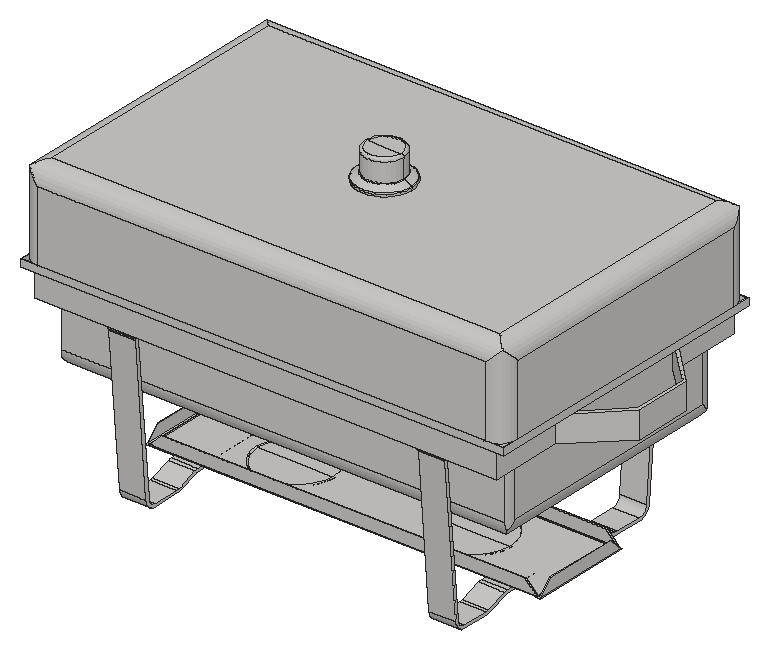
Revit family "QF_BOURGEAT_bain_marie_couvercle_classique", category Equipement spécialisé, Revit 2015
Parameters (values of type "modele_a_alcool")
  URL catalogue = "http://www.bourgeat.fr"
  URL = ""
  Type de Raccord Electrique = ""
  Type article = ""
  Tension = 0 V
  Spécification du Fabricant = "bain_marie_de_table"
  Remarques Electricité = ""
  Puissance électrique  = 0 W
  Profondeur hors tout = 335 mm
  Poids net à vide = 9.00 kg
  Phase = 0
  Modèle = "865001"
  Longueur hors tout = 630 mm
  Intensité nominale = 0 A
  Hauteur hors tout = 395 mm
  Fréquence = 0 Hz
  Fabricant = "BOURGEAT"
  Contact SAV = "0033(4).76.32.14.44"
Types (3, lengths in mm): name | Tension | Puissance électrique  | Poids net à vide | Phase | Modèle | Intensité nominale | Fréquence
  (no name) | 0 V | 0 W | 9.00 kg | 0 | "865001" | 0 A | 0 Hz
  modele_a_alcool | 0 V | 0 W | 9.00 kg | 0 | "865001" | 0 A | 0 Hz
  modele_bivalent | 230 V | 700 W | 10.00 kg | 2 | "865201" | 3.04 A | 50 Hz
Reference planes
  plane 1 "Centre (avant/arrière)": y = 0
  plane 2: z = 0
  plane 3 "Centre (gauche/droite)": x = 0
Dimensions and locks
  aligned and locked: level to plane 2
  aligned and locked: nested 1 to nested 2
Nested families
  nested 1: "support" at (0, 0, 0), type "support"
  nested 2: "cuve_b_m" at (0, 0, 116), type "cuve_b_m"
  nested 3: "couvercle_b_m" at (0, 0, 233), type "couvercle_b_m"
Definition of nested family "support"
  Reference planes
    plane 1 "Centre (avant/arrière)": y = 0
    plane 2: z = 0
    plane 3 "Centre (gauche/droite)": x = 0
    plane 4: x = 160
    plane 5: x = -160
    plane 6: x = -175
    plane 7: x = 175
    plane 8: z = 225
  Dimensions and locks
    plane 5 to plane 4 = 320 mm
    aligned and locked: level to plane 2
    aligned and locked: plane 8 to nested 1
    aligned and locked: nested 4 to nested 3
  Nested families
    nested 1: "cadre_du_support" at (0, 0, 195), type "cadre_du_support"
    nested 2: "bras_du_support" at (-175, 0, 0) x (0, 1, 0) z (0, 0, 1), type "bras_du_support"
    nested 3: "bras_du_support" at (175, 0, 0) x (0, -1, 0) z (0, 0, 1), type "bras_du_support"
    nested 4: "plaque_fond" at (0, 0, 11.991), type "plaque_fond"
  Definition of nested family "cadre_du_support"
    Reference planes
      plane 1 "Centre (avant/arrière)": y = 0
      plane 2: z = 0
      plane 3 "Centre (gauche/droite)": x = 0
      plane 4: x = 258.5
      plane 5: x = -258.5
      plane 6: y = 155.5
      plane 7: y = -155.5
      plane 8: x = -293.5
      plane 9: x = 293.5
      plane 10: y = -50
      plane 11: y = 50
      plane 12: y = 50
      plane 13: y = -50
      plane 14: y = 85
      plane 15: y = -85
      plane 16: through (258.5, 85, 1200) normal (0.7071, 0.7071, 0)
      plane 17: through (293.5, -50, 1200) normal (0.7071, -0.7071, 0)
      plane 18: y = 85.5
      plane 19: y = -85.5
      plane 20: through (-293.5, 50, 1200) normal (-0.7071, 0.7071, 0)
      plane 21: through (-293.5, -50, 1200) normal (0.7071, 0.7071, 0)
      plane 22: y = 164.5
      plane 23: x = 261.5
      plane 24: through (260.621, 87.121, 1200) normal (0.7071, 0.7071, 0)
      plane 25: x = 312
      plane 26: through (260.621, -87.121, 1200) normal (-0.7071, 0.7071, 0)
      plane 27: x = 261.5
      plane 28: y = -164.5
      plane 29: x = -261.5
      plane 30: through (-260.621, -87.121, 1200) normal (-0.7071, -0.7071, 0)
      plane 31: x = -312
      plane 32: through (-295.621, 52.121, 1200) normal (-0.7071, 0.7071, 0)
      plane 33: x = -261.5
      plane 34: z = 30
      plane 35: x = 315
      plane 36: x = -315
      plane 37: y = 167.5
      plane 38: y = -167.5
      plane 39: y = 167.5
      plane 40: y = -167.5
    Forms (mm)
      Extrusion 1, solid
        sketch origin (0, 0, 0) x (1, 0, 0) y (0, 1, 0)
          loop
            line (-261.5, 167.5) -> (-261.5, 86.243) -> (-315, 32.743) -> (-315, -32.743) -> (-261.5, -86.243) -> (-261.5, -167.5) -> (261.5, -167.5) -> (261.5, -86.243) -> (315, -32.743) -> (315, 32.743) -> (261.5, 86.243) -> (261.5, 167.5) -> (-261.5, 167.5)
          loop
            line (-258.5, 164.5) -> (-258.5, 85) -> (-312, 31.5) -> (-312, -31.5) -> (-258.5, -85) -> (-258.5, -164.5) -> (258.5, -164.5) -> (258.5, -85) -> (312, -31.5) -> (312, 31.5) -> (258.5, 85) -> (258.5, 164.5) -> (-258.5, 164.5)
        from 0 to 30
    Dimensions and locks
      plane 25 to plane 35 = 3 mm
      plane 36 to plane 31 = 3 mm
      plane 22 to plane 39 = 3 mm
      plane 40 to plane 28 = 3 mm
      aligned and locked: level to plane 2
      aligned and locked: plane 34 to Extrusion 1
      aligned and locked: Extrusion 1 to plane 25
      aligned and locked: Extrusion 1 to plane 31
      aligned and locked: Extrusion 1 to plane 37
      aligned and locked: Extrusion 1 to plane 38
      aligned and locked: Extrusion 1 to plane 22
      aligned and locked: Extrusion 1 to plane 28
  Definition of nested family "bras_du_support"
    Reference planes
      plane 1 "Centre (avant/arrière)": y = 0
      plane 2: z = 0
      plane 3 "Centre (gauche/droite)": x = 0
      plane 4: through (-247.444, -1524, 1281.791) normal (0.9962, 0, 0.0872)
      plane 5: z = 225
      plane 6: through (155.5, -1524, 225) normal (0.9962, 0, -0.0872)
      plane 7: z = 12
      plane 8: through (-64.644, -1524, 12.113) normal (0.3256, 0, -0.9455)
      plane 9: through (64.971, -1524, 12) normal (0.3256, 0, 0.9455)
      plane 10: z = 3
      plane 11: through (148.123, -1524, 175.104) normal (0.9962, 0, -0.0872)
      plane 12: through (-146.325, -1524, 160.421) normal (0.9962, 0, 0.0872)
      plane 13: x = 161.5
      plane 14: x = -161.5
      plane 15: x = 158.5
      plane 16: z = 195
      plane 17: through (161.5, -1524, 195) normal (0.7986, 0, -0.6018)
      plane 18: through (158.5, -1524, 195) normal (0.7986, 0, -0.6018)
      plane 19: x = -158.5
      plane 20: through (-161.5, -1524, 195) normal (0.7986, 0, 0.6018)
      plane 21: through (-158.5, -1524, 195) normal (0.7986, 0, 0.6018)
      plane 22: through (-93.673, -1524, -1.056) normal (-0.3256, 0, 0.9455)
      plane 23: x = -64.997
      plane 24: x = 64.997
      plane 25: through (71.413, -1524, 6.609) normal (0.3256, 0, 0.9455)
      plane 26: z = 8.991
      plane 27: y = 15
      plane 28: y = -15
    Forms (mm)
      Extrusion 1, solid
        sketch origin (0, 0, 0) x (1, 0, 0) y (0, 0, 1)
          loop
            line (-158.5, 225) -> (-161.5, 225) -> (-161.5, 197.008)
            arc (-161.5, 197.008) -> (-161.19, 195.104) -> (-160.292, 193.397) r 6
            line (-160.292, 193.397) -> (-151.679, 181.968)
            arc (-151.679, 181.968) -> (-151.275, 181.237) -> (-151.087, 180.424) r 3
            line (-151.087, 180.424) -> (-136.34, 11.867)
            arc (-136.34, 11.867) -> (-132.172, 3.415) -> (-123.389, 0) r 13
            line (-123.389, 0) -> (-92.782, 0)
            arc (-92.782, 0) -> (-90.636, 0.178) -> (-88.55, 0.708) r 13
            line (-88.55, 0.708) -> (-66.077, 8.446)
            arc (-66.077, 8.446) -> (-64.472, 8.854) -> (-62.821, 8.991) r 10
            line (-62.821, 8.991) -> (62.822, 8.991)
            arc (62.822, 8.991) -> (64.472, 8.854) -> (66.078, 8.446) r 10
            line (66.078, 8.446) -> (88.55, 0.708)
            arc (88.55, 0.708) -> (90.637, 0.178) -> (92.783, 0) r 13
            line (92.783, 0) -> (123.903, 0)
            arc (123.903, 0) -> (132.685, 3.415) -> (136.853, 11.867) r 13
            line (136.853, 11.867) -> (151.668, 181.194)
            arc (151.668, 181.194) -> (151.855, 182.008) -> (152.26, 182.738) r 3
            line (152.26, 182.738) -> (160.292, 193.397)
            arc (160.292, 193.397) -> (161.19, 195.104) -> (161.5, 197.008) r 6
            line (161.5, 197.008) -> (161.5, 225) -> (158.5, 225) -> (158.5, 196.004)
            arc (158.5, 196.004) -> (158.345, 195.052) -> (157.896, 194.198) r 3
            line (157.896, 194.198) -> (149.765, 183.408)
            arc (149.765, 183.408) -> (148.955, 181.947) -> (148.58, 180.32) r 6
            line (148.58, 180.32) -> (133.865, 12.128)
            arc (133.865, 12.128) -> (130.659, 5.627) -> (123.903, 3) r 10
            line (123.903, 3) -> (92.783, 3)
            arc (92.783, 3) -> (91.132, 3.137) -> (89.527, 3.545) r 10
            line (89.527, 3.545) -> (67.054, 11.283)
            arc (67.054, 11.283) -> (64.967, 11.813) -> (62.822, 11.991) r 13
            line (62.822, 11.991) -> (-62.827, 11.991)
            arc (-62.827, 11.991) -> (-64.973, 11.813) -> (-67.06, 11.283) r 13
            line (-67.06, 11.283) -> (-89.532, 3.545)
            arc (-89.532, 3.545) -> (-91.138, 3.137) -> (-92.788, 3) r 10
            line (-92.788, 3) -> (-123.389, 3)
            arc (-123.389, 3) -> (-130.145, 5.627) -> (-133.351, 12.128) r 10
            line (-133.351, 12.128) -> (-147.999, 179.549)
            arc (-147.999, 179.549) -> (-148.374, 181.177) -> (-149.184, 182.637) r 6
            line (-149.184, 182.637) -> (-157.896, 194.198)
            arc (-157.896, 194.198) -> (-158.345, 195.052) -> (-158.5, 196.004) r 3
            line (-158.5, 196.004) -> (-158.5, 225)
        from -15 to 15
    Dimensions and locks
      plane 14 to plane 13 = 323 mm
      plane 23 to plane 24 = 129.994 mm
      angle plane 4 to plane 5 = 85.00°
      angle plane 5 to plane 6 = 85.00°
      angle plane 8 to plane 7 = 161.00°
      angle plane 7 to plane 9 = 161.00°
      aligned and locked: level to plane 2
      aligned and locked: Extrusion 1 sketch curve to plane 14  (x2)
      aligned and locked: plane 5 to Extrusion 1 sketch curve
      aligned and locked: plane 20 to Extrusion 1 sketch curve
      aligned and locked: Extrusion 1 sketch curve to plane 26
      aligned and locked: plane 13 to Extrusion 1 sketch curve
      aligned and locked: plane 27 to Extrusion 1
      aligned and locked: plane 28 to Extrusion 1
  Definition of nested family "plaque_fond"
    Reference planes
      plane 1 "Centre (avant/arrière)": y = 0
      plane 2: z = 0
      plane 3 "Centre (gauche/droite)": x = 0
      plane 4: x = 219
      plane 5: x = -219
      plane 6: y = 55
      plane 7: y = -55
      plane 8: x = 100
      plane 9: x = -100
      plane 10: z = -4
      plane 11: x = -60
      plane 12: x = -140
      plane 13: through (-60, -1524, -4) normal (-0.7071, 0, 0.7071)
      plane 14: through (-140, -1524, -4) normal (-0.7071, 0, -0.7071)
      plane 15: x = 60
      plane 16: x = 140
      plane 17: through (60, -1524, -4) normal (-0.7071, 0, -0.7071)
      plane 18: through (140, -1524, -4) normal (-0.7071, 0, 0.7071)
      plane 19: z = 1
      plane 20: through (-143.293, -1524, 0.707) normal (0.7071, 0, 0.7071)
      plane 21: z = -3
      plane 22: x = -142.586
      plane 23: y = 57.5
      plane 24: y = -57.5
      plane 25: x = 222.5
      plane 26: x = -222.5
    Forms (mm)
      Extrusion 1, solid
        sketch origin (0, 0, 0) x (1, 0, 0) y (0, 1, 0)
          loop
            line (-219, 55) -> (-219, -55) -> (219, -55) -> (219, 55) -> (-219, 55)
        from 0 to 1
      Revolve 2, solid
        sketch origin (0, 0, 0) x (1, 0, 0) y (0, 0, 1)
          loop
            line (-144, 0) -> (-140.879, -3.121)
            arc (-140.879, -3.121) -> (-139.905, -3.772) -> (-138.757, -4) r 3
            line (-138.757, -4) -> (-100, -4) -> (-100, 0) -> (-144, 0)
          axis (-100, 0) -> (-100, -4)
        angle from 0 to 360
      Revolve 3, solid
        sketch origin (0, 0, 0) x (-1, 0, 0) y (0, 0, 1)
          loop
            line (-144, 0) -> (-140.879, -3.121)
            arc (-140.879, -3.121) -> (-139.905, -3.772) -> (-138.757, -4) r 3
            line (-138.757, -4) -> (-100, -4) -> (-100, 0) -> (-144, 0)
          axis (-100, 0) -> (-100, -4)
        angle from 0 to 360
      Revolve 4, void
        sketch origin (0, 0, 0) x (1, 0, 0) y (0, 0, 1)
          loop
            arc (-140.464, -2.121) -> (-139.491, -2.772) -> (-138.343, -3) r 3
            line (-138.343, -3) -> (-100, -3) -> (-100, 3.073) -> (-144.126, 3.073) -> (-144.126, 1.54) -> (-140.464, -2.121)
          axis (-100, 3.073) -> (-100, -3)
        angle from 0 to 360
      Revolve 5, void
        sketch origin (0, 0, 0) x (-1, 0, 0) y (0, 0, 1)
          loop
            arc (-140.464, -2.121) -> (-139.491, -2.772) -> (-138.343, -3) r 3
            line (-138.343, -3) -> (-100, -3) -> (-100, 3.073) -> (-144.126, 3.073) -> (-144.126, 1.54) -> (-140.464, -2.121)
          axis (-100, 3.073) -> (-100, -3)
        angle from 0 to 360
      Extrusion 6, solid
        sketch origin (0, 2.5, 0) x (0, 1, 0) y (0, 0, 1)
          loop
            arc (-60, 1) -> (-59.707, 0.293) -> (-59, 0) r 1
            line (-59, 0) -> (-57.5, 0) -> (-57.5, 1) -> (-59.097, 1) -> (-59.097, 15) -> (-60, 15) -> (-60, 1)
        from -219 to 219
      Extrusion 7, void
        sketch origin (0, 0, 0) x (1, 0, 0) y (0, 0, 1)
          loop
            line (-220.021, -0.021) -> (-203.011, 16.989) -> (-220.021, 16.989) -> (-220.021, -0.021)
          loop
            line (220.021, -0.021) -> (220.021, 16.989) -> (203.011, 16.989) -> (220.021, -0.021)
        from 0 to 250
      Extrusion 8, solid
        sketch origin (0, -2.5, 0) x (0, -1, 0) y (0, 0, -1)
          loop
            line (-60, -1) -> (-60, -15) -> (-59.097, -15) -> (-59.097, -1) -> (-57.5, -1) -> (-57.5, 0) -> (-59, 0)
            arc (-59, 0) -> (-59.707, -0.293) -> (-60, -1) r 1
        from -219 to 219
      Extrusion 9, void
        sketch origin (0, 0, 0) x (1, 0, 0) y (0, 0, -1)
          loop
            line (-220.021, 0.021) -> (-220.021, -16.989) -> (-203.011, -16.989) -> (-220.021, 0.021)
          loop
            line (220.021, 0.021) -> (203.011, -16.989) -> (220.021, -16.989) -> (220.021, 0.021)
        from 0 to 250
      Extrusion 10, solid
        sketch origin (0, 0, 0) x (1, 0, 0) y (0, 0, 1)
          loop
            line (-219, 0) -> (-219, 1) -> (-220.677, 1)
            arc (-220.677, 1) -> (-221.243, 1.234) -> (-221.477, 1.8) r 0.8
            line (-221.477, 1.8) -> (-221.477, 15) -> (-222.5, 15) -> (-222.5, 0.8)
            arc (-222.5, 0.8) -> (-222.266, 0.234) -> (-221.7, 0) r 0.8
            line (-221.7, 0) -> (-219, 0)
          loop
            line (219, 0) -> (221.7, 0)
            arc (221.7, 0) -> (222.266, 0.234) -> (222.5, 0.8) r 0.8
            line (222.5, 0.8) -> (222.5, 15) -> (221.477, 15) -> (221.477, 1.8)
            arc (221.477, 1.8) -> (221.243, 1.234) -> (220.677, 1) r 0.8
            line (220.677, 1) -> (219, 1) -> (219, 0)
        from -57.5 to 57.5
      Extrusion 11, void
        sketch origin (0, 0, 0) x (0, 1, 0) y (0, 0, 1)
          loop
            line (-59.226, -1.726) -> (-41.574, 15.926) -> (-59.226, 15.926) -> (-59.226, -1.726)
          loop
            line (59.226, -1.726) -> (59.226, 15.926) -> (41.574, 15.926) -> (59.226, -1.726)
        from 219 to 250
      Extrusion 12, void
        sketch origin (0, 0, 0) x (0, 1, 0) y (0, 0, -1)
          loop
            line (-59.226, 1.726) -> (-59.226, -15.926) -> (-41.574, -15.926) -> (-59.226, 1.726)
          loop
            line (59.226, 1.726) -> (41.574, -15.926) -> (59.226, -15.926) -> (59.226, 1.726)
        from 219 to 250
    Cuts and joins
      Revolve 4, Revolve 5 cuts Extrusion 1
      Revolve 5 cuts Revolve 2
      Extrusion 7, Extrusion 9, Extrusion 11, Extrusion 12 cuts Extrusion 6
      Extrusion 9, Extrusion 11, Extrusion 12 cuts Extrusion 8
      Extrusion 11, Extrusion 12 cuts Extrusion 10
    Dimensions and locks
      plane 5 to plane 4 = 438 mm  (x2)
      plane 7 to plane 6 = 110 mm
      plane 5 to plane 3 "Centre (gauche/droite)" to plane 4 = 219 mm, 219 mm
      plane 6 to plane 1 "Centre (avant/arrière)" to plane 7 = 55 mm, 55 mm
      plane 24 to plane 23 = 115 mm
      aligned and locked: level to plane 2
      aligned and locked: plane 5 to Extrusion 1 sketch curve
      aligned and locked: plane 19 to Extrusion 1
      aligned and locked: plane 6 to cut or joined group of Extrusion 1, Revolve 4, Revolve 5
      aligned and locked: plane 7 to cut or joined group of Extrusion 1, Revolve 4, Revolve 5
      aligned and locked: Extrusion 6 to plane 7
      aligned and locked: plane 5 to Extrusion 6
      aligned and locked: plane 4 to Extrusion 6
      aligned and locked: plane 4 to cut or joined group of Extrusion 1, Revolve 4, Revolve 5
      aligned and locked: plane 5 to Extrusion 10 sketch curve
      aligned and locked: plane 23 to Extrusion 10
      aligned and locked: plane 24 to Extrusion 10
Definition of nested family "cuve_b_m"
  Reference planes
    plane 1 "Centre (avant/arrière)": y = 0
    plane 2: z = 0
    plane 3 "Centre (gauche/droite)": x = 0
    plane 4: x = 273
    plane 5: x = -273
    plane 6: y = 173
    plane 7: y = -173
    plane 8: z = 117
    plane 9: y = 172
    plane 10: x = 272
    plane 11: y = -172
    plane 12: x = -272
    plane 13: z = 110
    plane 14: x = -253.5
    plane 15: y = -143
    plane 16: y = 143
    plane 17: z = 109
  Forms (mm)
    Extrusion 1, solid
      sketch origin (0, 0, 0) x (1, 0, 0) y (0, 1, 0)
        loop
          line (-273, 173) -> (-273, -173) -> (273, -173) -> (273, 173) -> (-273, 173)
      from 0 to 117
    Extrusion 2, void
      sketch origin (0, 0, 0) x (1, 0, 0) y (0, 1, 0)
        loop
          line (-272, 172) -> (-272, -172) -> (272, -172) -> (272, 172) -> (-272, 172)
      from 110 to 135.867
    Extrusion 3, void
      sketch origin (0, 0, 0) x (1, 0, 0) y (0, 0, 1)
        loop
          line (-289.458, 109) -> (-289.458, -40) -> (289.458, -40) -> (289.458, 109) -> (257, 109)
          arc (257, 109) -> (254.525, 107.975) -> (253.5, 105.5) r 3.5
          line (253.5, 105.5) -> (253.5, 20)
          arc (253.5, 20) -> (247.642, 5.858) -> (233.5, 0) r 20
          line (233.5, 0) -> (-233.5, 0)
          arc (-233.5, 0) -> (-247.642, 5.858) -> (-253.5, 20) r 20
          line (-253.5, 20) -> (-253.5, 105.5)
          arc (-253.5, 105.5) -> (-254.525, 107.975) -> (-257, 109) r 3.5
          line (-257, 109) -> (-289.458, 109)
      from -309.494 to 250
    Extrusion 4, void
      sketch origin (0, 0, 0) x (0, 1, 0) y (0, 0, 1)
        loop
          line (-190.351, 109) -> (-190.351, -20) -> (190.351, -20) -> (190.351, 109) -> (146.5, 109)
          arc (146.5, 109) -> (144.025, 107.975) -> (143, 105.5) r 3.5
          line (143, 105.5) -> (143, 20)
          arc (143, 20) -> (137.142, 5.858) -> (123, 0) r 20
          line (123, 0) -> (-123, 0)
          arc (-123, 0) -> (-137.142, 5.858) -> (-143, 20) r 20
          line (-143, 20) -> (-143, 105.5)
          arc (-143, 105.5) -> (-144.025, 107.975) -> (-146.5, 109) r 3.5
          line (-146.5, 109) -> (-190.351, 109)
      from -358.259 to 332.42
    Extrusion 5, void
      sketch origin (0, 0, 0) x (1, 0, 0) y (0, 1, 0)
        loop
          arc (-253.5, 132.5) -> (-247.642, 146.642) -> (-233.5, 152.5) r 20
          line (-233.5, 152.5) -> (-226.13, 152.5) -> (-226.13, 182.5) -> (-261.13, 182.5) -> (-261.13, 125.635) -> (-253.5, 125.635) -> (-253.5, 132.5)
      from 0 to 109
    Extrusion 6, void
      sketch origin (0, 0, 0) x (1, 0, 0) y (0, 1, 0)
        loop
          line (-253.5, -132.5) -> (-253.5, -125.635) -> (-261.13, -125.635) -> (-261.13, -182.5) -> (-226.13, -182.5) -> (-226.13, -152.5) -> (-233.5, -152.5)
          arc (-233.5, -152.5) -> (-247.642, -146.642) -> (-253.5, -132.5) r 20
      from 0 to 109
    Extrusion 7, void
      sketch origin (0, 0, 0) x (-1, 0, 0) y (0, -1, 0)
        loop
          line (-253.5, -132.5) -> (-253.5, -125.635) -> (-261.13, -125.635) -> (-261.13, -182.5) -> (-226.13, -182.5) -> (-226.13, -152.5) -> (-233.5, -152.5)
          arc (-233.5, -152.5) -> (-247.642, -146.642) -> (-253.5, -132.5) r 20
      from 0 to 109
    Extrusion 8, void
      sketch origin (0, 0, 0) x (-1, 0, 0) y (0, -1, 0)
        loop
          arc (-253.5, 132.5) -> (-247.642, 146.642) -> (-233.5, 152.5) r 20
          line (-233.5, 152.5) -> (-226.13, 152.5) -> (-226.13, 182.5) -> (-261.13, 182.5) -> (-261.13, 125.635) -> (-253.5, 125.635) -> (-253.5, 132.5)
      from 0 to 109
  Cuts and joins
    Extrusion 2, Extrusion 3, Extrusion 4, Extrusion 5, Extrusion 6, Extrusion 7, Extrusion 8 cuts Extrusion 1
  Dimensions and locks
    plane 5 to plane 4 = 546 mm
    plane 5 to plane 14 = 19.5 mm
    plane 15 to plane 16 = 286 mm
    plane 15 to plane 1 "Centre (avant/arrière)" to plane 16 = 143 mm, 143 mm
    aligned and locked: level to plane 2
    aligned and locked: Extrusion 1 sketch curve to plane 6
    aligned and locked: Extrusion 1 sketch curve to plane 5
    aligned and locked: Extrusion 1 sketch curve to plane 7
    aligned and locked: Extrusion 1 sketch curve to plane 4
    aligned and locked: plane 8 to Extrusion 1
    aligned and locked: Extrusion 2 sketch curve to plane 9
    aligned and locked: Extrusion 2 sketch curve to plane 12
    aligned and locked: Extrusion 2 sketch curve to plane 11
    aligned and locked: Extrusion 2 sketch curve to plane 10
    aligned and locked: Extrusion 2 to plane 13
    aligned and locked: Extrusion 3 sketch curve to Extrusion 3 sketch curve
    aligned and locked: Extrusion 4 sketch curve to Extrusion 4 sketch curve
    aligned and locked: Extrusion 4 sketch curve to plane 16
Definition of nested family "couvercle_b_m"
  Reference planes
    plane 1 "Centre (avant/arrière)": y = 0
    plane 2: z = 0
    plane 3 "Centre (gauche/droite)": x = 0
    plane 4: x = 273
    plane 5: x = -273
    plane 6: y = 173
    plane 7: y = -173
    plane 8: z = 100
    plane 9: x = -31
    plane 10: x = -22
  Forms (mm)
    Extrusion 1, solid
      sketch origin (0, 0, 0) x (1, 0, 0) y (0, 1, 0)
        loop
          line (-273, 173) -> (-273, -173) -> (273, -173) -> (273, 173) -> (-273, 173)
      from 0 to 100
    Extrusion 2, void
      sketch origin (0, 0, 0) x (1, 0, 0) y (0, 1, 0)
        loop
          arc (-273, 153) -> (-267.142, 167.142) -> (-253, 173) r 20
          line (-253, 173) -> (-275.966, 184.201) -> (-273, 153)
        loop
          arc (-253, -173) -> (-267.142, -167.142) -> (-273, -153) r 20
          line (-273, -153) -> (-283.816, -186.287) -> (-253, -173)
        loop
          line (253, -173) -> (274.921, -182.76) -> (273, -153)
          arc (273, -153) -> (267.142, -167.142) -> (253, -173) r 20
        loop
          line (273, 153) -> (276.31, 184.877) -> (253, 173)
          arc (253, 173) -> (267.142, 167.142) -> (273, 153) r 20
      from 0 to 250
    Sweep 3, void
      path origin (0, 0, 0) x (1, 0, 0) y (0, 1, 0)
        loop
          line (-273, -173) -> (273, -173) -> (273, 173) -> (-273, 173) -> (-273, -173)
      profile origin (-273, 0, 0) x (-1, 0, 0) y (0, 0, 1)
        loop
          line (0, 73.038) -> (17.288, 124.094) -> (-30, 100) -> (-20, 100)
          arc (-20, 100) -> (-5.858, 94.142) -> (0, 80) r 20
          line (0, 80) -> (0, 73.038)
    Revolve 4, solid
      sketch origin (0, 0, 0) x (1, 0, 0) y (0, 0, 1)
        loop
          line (-31, 100) -> (0, 100) -> (0, 133.323) -> (-19, 133.323)
          arc (-19, 133.323) -> (-21.121, 132.444) -> (-22, 130.323) r 3
          line (-22, 130.323) -> (-22, 109.023)
          arc (-22, 109.023) -> (-22.181, 108.45) -> (-22.658, 108.083) r 1
          line (-22.658, 108.083) -> (-30.516, 103.349)
          arc (-30.516, 103.349) -> (-30.871, 102.984) -> (-31, 102.492) r 1
          line (-31, 102.492) -> (-31, 100)
        axis (0, 133.323) -> (0, 100)
      angle from 0 to 360
  Cuts and joins
    Extrusion 2, Sweep 3 cuts Extrusion 1
  Dimensions and locks
    aligned and locked: level to plane 2
    aligned and locked: Extrusion 1 sketch curve to plane 6
    aligned and locked: Extrusion 1 sketch curve to plane 5
    aligned and locked: Extrusion 1 sketch curve to plane 7
    aligned and locked: Extrusion 1 sketch curve to plane 4
    aligned and locked: plane 8 to Extrusion 1
